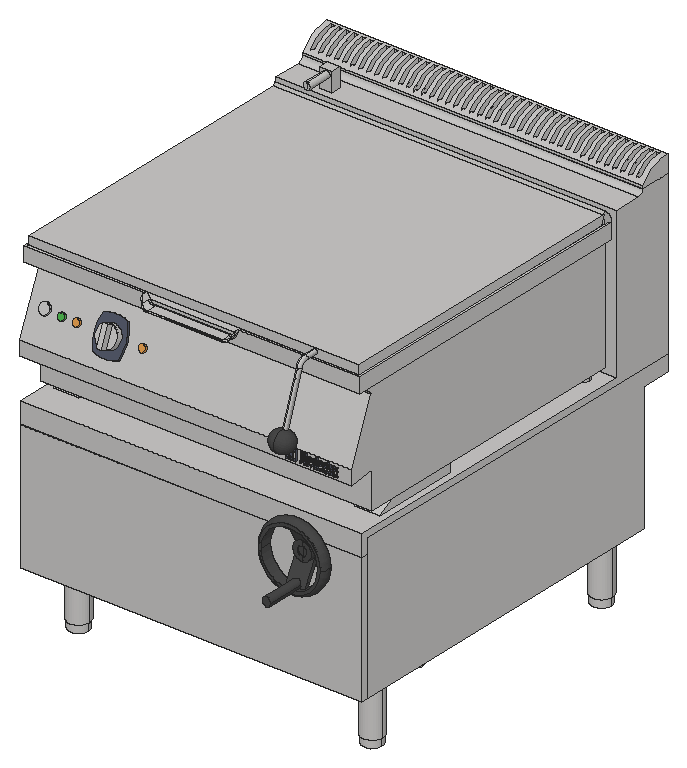
Revit family "QF_ELECTROLUXPROFESSIONAL_391597_E9PPBTBAMEI", category Attrezzature speciali, Revit 2021 (continued)
Lines and regions (mm)
  symbolic lines
    curve 201: line (601.624, -63.918, 0) -> (601.624, -6.768, 0)
    curve 202: line (601.624, -6.768, 0) -> (592.328, -6.768, 0)
    curve 203: line (592.328, -6.768, 0) -> (592.328, -63.918, 0)
    curve 204: line (611.021, -63.918, 0) -> (620.317, -63.918, 0)
    curve 205: line (620.317, -63.918, 0) -> (620.317, -6.768, 0)
    curve 206: line (620.317, -6.768, 0) -> (611.021, -6.768, 0)
    curve 207: line (611.021, -6.768, 0) -> (611.021, -63.918, 0)
    curve 208: line (629.714, -63.918, 0) -> (639.009, -63.918, 0)
    curve 209: line (639.009, -63.918, 0) -> (639.009, -6.768, 0)
    curve 210: line (639.009, -6.768, 0) -> (629.714, -6.768, 0)
    curve 211: line (629.714, -6.768, 0) -> (629.714, -63.918, 0)
    curve 212: line (648.406, -63.918, 0) -> (657.702, -63.918, 0)
    curve 213: line (657.702, -63.918, 0) -> (657.702, -6.768, 0)
    curve 214: line (657.702, -6.768, 0) -> (648.406, -6.768, 0)
    curve 215: line (648.406, -6.768, 0) -> (648.406, -63.918, 0)
    curve 216: line (667.099, -63.918, 0) -> (676.395, -63.918, 0)
    curve 217: line (676.395, -63.918, 0) -> (676.395, -6.768, 0)
    curve 218: line (676.395, -6.768, 0) -> (667.099, -6.768, 0)
    curve 219: line (667.099, -6.768, 0) -> (667.099, -63.918, 0)
    curve 220: line (685.792, -63.918, 0) -> (695.087, -63.918, 0)
    curve 221: line (695.087, -63.918, 0) -> (695.087, -6.768, 0)
    curve 222: line (695.087, -6.768, 0) -> (685.792, -6.768, 0)
    curve 223: line (685.792, -6.768, 0) -> (685.792, -63.918, 0)
    curve 224: line (704.484, -63.918, 0) -> (713.78, -63.918, 0)
    curve 225: line (713.78, -63.918, 0) -> (713.78, -6.768, 0)
    curve 226: line (713.78, -6.768, 0) -> (704.484, -6.768, 0)
    curve 227: line (704.484, -6.768, 0) -> (704.484, -63.918, 0)
    curve 228: line (723.177, -63.918, 0) -> (732.472, -63.918, 0)
    curve 229: line (732.472, -63.918, 0) -> (732.472, -6.768, 0)
    curve 230: line (732.472, -6.768, 0) -> (723.177, -6.768, 0)
    curve 231: line (723.177, -6.768, 0) -> (723.177, -63.918, 0)
    curve 232: line (741.869, -63.918, 0) -> (751.165, -63.918, 0)
    curve 233: line (751.165, -63.918, 0) -> (751.165, -6.768, 0)
    curve 234: line (751.165, -6.768, 0) -> (741.869, -6.768, 0)
    curve 235: line (741.869, -6.768, 0) -> (741.869, -63.918, 0)
    curve 236: line (760.562, -63.918, 0) -> (769.858, -63.918, 0)
    curve 237: line (769.858, -63.918, 0) -> (769.858, -6.768, 0)
    curve 238: line (769.858, -6.768, 0) -> (760.562, -6.768, 0)
    curve 239: line (760.562, -6.768, 0) -> (760.562, -63.918, 0)
    curve 240: line (777.847, -63.918, 0) -> (787.142, -63.918, 0)
    curve 241: line (787.142, -63.918, 0) -> (787.142, -6.768, 0)
    curve 242: line (787.142, -6.768, 0) -> (777.847, -6.768, 0)
    curve 243: line (777.847, -6.768, 0) -> (777.847, -63.918, 0)
  symbolic lines, style "QF_Clearances", visible <- "Show Clearance", detail levels coarse
    curve 17: line (-50, 50, 150) -> (-50, -918.182, 150)
    curve 18: line (850, 50, 150) -> (850, -915, 150)
    curve 19: line (850, 50, 150) -> (-50, 50, 150)
Dimensions and locks
  equal spacing: plane 3 "LEFT", plane 7 "Center Y", plane 4 "RIGHT"
  plane 3 "LEFT" to plane 4 "RIGHT" = 800 mm
  equal spacing: plane 5 "FRONT", plane 8 "Center X", plane 1 "BACK"
  plane 5 "FRONT" to plane 1 "BACK" = 915 mm  (x2)
  plane 9 "Base" to level = 149 mm
  plane 11 to level = 1653 mm
  plane 11 to plane 2 = 1653 mm
  plane 9 "Base" to plane 2 = 149 mm
  plane 13 to plane 12 = 674 mm
  plane 1 "BACK" to plane 14 = 1034 mm  (x2)
  plane 6 "TOP" to plane 2 = 908 mm
  plane 14 to plane 1 "BACK" = 1034 mm
  plane 4 "RIGHT" to plane 17 to plane 15 to plane 3 "LEFT" = 55 mm, 690 mm, 55 mm
  plane 1 "BACK" to plane 18 = 1014 mm
  Extrusion 12 to plane 1 "BACK" = 69 mm
  Extrusion 6 to plane 9 "Base" = 701 mm
  plane 2 to Extrusion 12 = 448 mm
  Extrusion 3 to plane 13 = 100.182 mm
  plane 12 to Extrusion 12 = 56 mm
  plane 4 "RIGHT" to plane 20 = 14 mm
  plane 21 to plane 9 "Base" to level = 701 mm, 149 mm
  plane 1 "BACK" to Extrusion 12 = 69 mm
  Extrusion 12 to plane 12 = 56 mm
  plane 12 to plane 13 = 674 mm
  plane 13 to Extrusion 3 = 100.182 mm
  Extrusion 12 to level = 448 mm
  plane 6 "TOP" to level = 908 mm
  plane 22 "Connection" to level = 182 mm
  plane 1 "BACK" to plane 23 = 706 mm
  plane 3 "LEFT" to Extrusion 20 sketch curve = 105 mm
  Extrusion 21 sketch curve to plane 1 "BACK" = 698 mm
  plane 3 "LEFT" to Extrusion 21 sketch curve = 195 mm
  Extrusion 21 to plane 1 "BACK" = 698 mm
  plane 3 "LEFT" to Extrusion 22 sketch curve = 265 mm
  plane 3 "LEFT" to plane 25 = 105 mm
  plane 3 "LEFT" to plane 26 = 195 mm
  plane 3 "LEFT" to plane 24 = 265 mm
  Extrusion 3 to Extrusion 17 = 181 mm
  Extrusion 17 to Extrusion 3 = 181 mm
  plane 21 to level = 850 mm
  aligned and locked: level to plane 2
  aligned and locked: Extrusion 12 to plane 3 "LEFT"
Automatic sketch dimensions
  Revolve 1 sketch curve to plane 9 "Base" = 0 mm  (x2)
  Revolve 1 sketch curve to level = 0 mm
  Revolve 1 sketch curve to plane 15 = 0 mm  (x2)
  Revolve 1 sketch curve to Revolve 1 sketch curve = 22.9 mm
  Revolve 1 sketch curve to Revolve 1 sketch curve = 2.5 mm
  level to Revolve 1 sketch curve = 19.05 mm
  Revolve 1 sketch curve to plane 22 "Connection" = 13 mm
  Revolve 2 sketch curve to plane 9 "Base" = 0 mm  (x2)
  Revolve 2 sketch curve to level = 0 mm
  Revolve 2 sketch curve to plane 15 = 0 mm  (x2)
  Revolve 2 sketch curve to Revolve 2 sketch curve = 22.9 mm
  Revolve 2 sketch curve to Revolve 2 sketch curve = 2.5 mm
  level to Revolve 2 sketch curve = 19.05 mm
  Revolve 2 sketch curve to plane 22 "Connection" = 13 mm
  Extrusion 7 sketch curve to plane 10 = 0 mm
  Extrusion 7 sketch curve to plane 13 = 25.484 mm
  plane 13 to Extrusion 7 sketch curve = 28.261 mm
  plane 23 to Extrusion 7 sketch curve = 87.5 mm
  plane 10 to Extrusion 7 sketch curve = 26.213 mm
  Extrusion 8 sketch curve to plane 17 = 8.429 mm
  Extrusion 8 sketch curve to plane 15 = 8.429 mm
  Extrusion 8 sketch curve to plane 12 = 64.686 mm  (x2)
  Extrusion 9 sketch curve to plane 6 "TOP" = 10 mm
  Extrusion 9 sketch curve to plane 12 = 7.127 mm
  plane 12 to Extrusion 9 sketch curve = 16.931 mm
  plane 21 to Extrusion 9 sketch curve = 3.88 mm
  Revolve 10 sketch curve to plane 6 "TOP" = 19.903 mm
  Revolve 10 sketch curve to plane 12 = 63.311 mm
  Revolve 10 sketch curve to plane 12 = 7.127 mm
  Revolve 10 sketch curve to Revolve 10 sketch curve = 0 mm  (x2)
  plane 12 to Revolve 10 sketch curve = 1.394 mm
  Revolve 10 sketch curve to plane 6 "TOP" = 11.778 mm
  Revolve 13 sketch curve to plane 9 "Base" = 0 mm  (x2)
  Revolve 13 sketch curve to level = 0 mm
  plane 17 to Revolve 13 sketch curve = 0 mm  (x2)
  Revolve 13 sketch curve to plane 20 = 18.1 mm
  Revolve 13 sketch curve to Revolve 13 sketch curve = 2.5 mm
  Revolve 13 sketch curve to plane 22 "Connection" = 13 mm
  level to Revolve 13 sketch curve = 19.05 mm
  Revolve 14 sketch curve to plane 9 "Base" = 0 mm  (x2)
  Revolve 14 sketch curve to level = 0 mm
  plane 17 to Revolve 14 sketch curve = 0 mm  (x2)
  Revolve 14 sketch curve to plane 20 = 18.1 mm
  Revolve 14 sketch curve to Revolve 14 sketch curve = 2.5 mm
  Revolve 14 sketch curve to plane 22 "Connection" = 13 mm
  level to Revolve 14 sketch curve = 19.05 mm
  plane 18 to Revolve 16 sketch curve = 18.604 mm
  Revolve 16 sketch curve to Revolve 16 sketch curve = 0 mm  (x4)
  plane 18 to Revolve 16 sketch curve = 22.834 mm
  Revolve 16 sketch curve to Revolve 16 sketch curve = 3.746 mm
  Revolve 16 sketch curve to Revolve 16 sketch curve = 7.415 mm
  plane 10 to Revolve 16 sketch curve = 172.444 mm
  Revolve 16 sketch curve to Revolve 16 sketch curve = 22.45 mm
  plane 10 to Extrusion 19 sketch curve = 0 mm
  Extrusion 19 sketch curve to plane 13 = 25.484 mm
  plane 13 to Extrusion 19 sketch curve = 28.261 mm
  plane 23 to Extrusion 19 sketch curve = 87.5 mm
  plane 10 to Extrusion 19 sketch curve = 26.213 mm
  plane 17 to Sweep 24 sketch curve = 60 mm
  Sweep 24 sketch curve to plane 10 = 63.57 mm
  Sweep 24 sketch curve to profile plane = 1.641 mm
  Sweep 24 sketch curve to profile plane = 7.394 mm
  Sweep 24 sketch curve to Sweep 24 sketch curve = 5.753 mm
  Sweep 24 sketch curve to Sweep 24 sketch curve = 6.722 mm
  Sweep 24 sketch curve to Sweep 24 sketch curve = 3.093 mm
  profile plane to Sweep 24 sketch curve = 740.784 mm
  Sweep 24 sketch curve to Sweep 24 sketch curve = 3.53 mm
  Sweep 24 sketch curve to Sweep 24 sketch curve = 10.864 mm
  plane 17 to Extrusion 26 sketch curve = 60 mm
  Extrusion 26 sketch curve to plane 10 = 124.454 mm
  Extrusion 27 sketch curve to Extrusion 27 sketch curve = 0 mm  (x4)
  Extrusion 27 sketch curve to plane 24 = 24.996 mm
  Extrusion 27 sketch curve to Extrusion 27 sketch curve = 4.545 mm
  Extrusion 27 sketch curve to Extrusion 27 sketch curve = 2.771 mm  (x2)
  Extrusion 27 sketch curve to Extrusion 27 sketch curve = 14.214 mm
  Extrusion 27 sketch curve to plane 21 = 40.578 mm
  plane 7 "Center Y" to Extrusion 27 sketch curve = 88.474 mm
  Extrusion 27 sketch curve to plane 21 = 32.378 mm
  Extrusion 27 sketch curve to Extrusion 27 sketch curve = 14.203 mm
  Extrusion 27 sketch curve to plane 21 = 33.978 mm
  Extrusion 27 sketch curve to plane 21 = 19.699 mm
  Extrusion 27 sketch curve to Extrusion 27 sketch curve = 7.32 mm
  Extrusion 27 sketch curve to Extrusion 27 sketch curve = 6.606 mm
  Extrusion 27 sketch curve to Extrusion 27 sketch curve = 6.4 mm  (x2)
  Extrusion 27 sketch curve to Extrusion 27 sketch curve = 7.872 mm
  plane 26 to Extrusion 29 sketch curve = 22.344 mm
  plane 24 to Extrusion 29 sketch curve = 31.059 mm
  Extrusion 29 sketch curve to Extrusion 29 sketch curve = 0 mm
  Extrusion 29 sketch curve to plane 26 = 8.324 mm
  Extrusion 29 sketch curve to Extrusion 29 sketch curve = 12.3 mm  (x2)
  plane 24 to Extrusion 29 sketch curve = 7.4 mm
  Extrusion 29 sketch curve to Extrusion 29 sketch curve = 34.925 mm  (x2)
  Extrusion 29 sketch curve to Extrusion 29 sketch curve = 50.015 mm
  plane 26 to Extrusion 29 sketch curve = 20.225 mm
  Extrusion 30 sketch curve to plane 25 = 17.623 mm
  plane 25 to Extrusion 31 sketch curve = 17.681 mm
  Extrusion 32 sketch curve to plane 26 = 7.917 mm
  Extrusion 33 sketch curve to Extrusion 33 sketch curve = 24.732 mm
  Extrusion 33 sketch curve to Extrusion 33 sketch curve = 0 mm
  Extrusion 34 sketch curve to plane 15 = 7.427 mm
  Extrusion 35 sketch curve to plane 24 = 12.623 mm
  Extrusion 36 sketch curve to plane 11 = 87.075 mm
  plane 8 "Center X" to Extrusion 36 sketch curve = 110.667 mm
  Extrusion 36 sketch curve to Extrusion 36 sketch curve = 694.86 mm
  Extrusion 36 sketch curve to Extrusion 36 sketch curve = 15.993 mm
  Extrusion 36 sketch curve to Extrusion 36 sketch curve = 5.354 mm
  Extrusion 36 sketch curve to Extrusion 36 sketch curve = 3.503 mm
  Extrusion 36 sketch curve to Extrusion 36 sketch curve = 12.189 mm
  Extrusion 36 sketch curve to Extrusion 36 sketch curve = 3.348 mm
  Extrusion 36 sketch curve to Extrusion 36 sketch curve = 18.4 mm  (x2)
  Extrusion 36 sketch curve to Extrusion 36 sketch curve = 2.697 mm
  Extrusion 36 sketch curve to Extrusion 36 sketch curve = 14.057 mm
  Extrusion 36 sketch curve to Extrusion 36 sketch curve = 4.418 mm
  Extrusion 36 sketch curve to Extrusion 36 sketch curve = 11 mm
  Extrusion 36 sketch curve to Extrusion 36 sketch curve = 6.539 mm
  Sweep 37 sketch curve to plane 8 "Center X" = 20.462 mm
  Sweep 37 sketch curve to plane 11 = 28.458 mm
  Sweep 37 sketch curve to Sweep 37 sketch curve = 41.037 mm
  Sweep 37 sketch curve to Sweep 37 sketch curve = 18.794 mm
  Sweep 37 sketch curve to Sweep 37 sketch curve = 28.354 mm
  Sweep 37 sketch curve to Sweep 37 sketch curve = 105.908 mm
  Sweep 37 sketch curve to Sweep 37 sketch curve = 6.84 mm
  Sweep 37 sketch curve to profile plane = 0 mm
  profile plane to Sweep 37 sketch curve = 676.16 mm
  Revolve 38 sketch curve to plane 11 = 23.591 mm
  Revolve 38 sketch curve to plane 8 "Center X" = 65.198 mm
  Revolve 38 sketch curve to Revolve 38 sketch curve = 0 mm  (x4)
  Revolve 38 sketch curve to Revolve 38 sketch curve = 4.229 mm
  Revolve 38 sketch curve to Revolve 38 sketch curve = 3.746 mm
  Revolve 38 sketch curve to Revolve 38 sketch curve = 7.415 mm
  Revolve 38 sketch curve to Revolve 38 sketch curve = 22.45 mm
  Extrusion 40 sketch curve to plane 21 = 53.641 mm
  plane 7 "Center Y" to Extrusion 40 sketch curve = 110 mm
  Extrusion 40 sketch curve to plane 21 = 32.378 mm
  Extrusion 40 sketch curve to Extrusion 40 sketch curve = 7.323 mm
  Extrusion 40 sketch curve to Extrusion 40 sketch curve = 14.203 mm
  Extrusion 40 sketch curve to plane 24 = 46.526 mm
  Extrusion 40 sketch curve to Extrusion 40 sketch curve = 14.214 mm
  Extrusion 40 sketch curve to Extrusion 40 sketch curve = 7.316 mm
  Extrusion 40 sketch curve to Extrusion 40 sketch curve = 21.27 mm
  Extrusion 40 sketch curve to Extrusion 40 sketch curve = 8.2 mm
  Extrusion 40 sketch curve to Extrusion 40 sketch curve = 12.672 mm
  Extrusion 40 sketch curve to Extrusion 40 sketch curve = 12.685 mm
  Extrusion 39 sketch curve to Extrusion 39 sketch curve = 0 mm  (x28)
  plane 17 to Extrusion 39 sketch curve = 31.031 mm
  plane 10 to Extrusion 39 sketch curve = 104.853 mm
  Extrusion 39 sketch curve to Extrusion 39 sketch curve = 3.509 mm  (x2)
  Extrusion 39 sketch curve to plane 17 = 9.633 mm
  Extrusion 39 sketch curve to Extrusion 39 sketch curve = 2.459 mm  (x3)
  Extrusion 39 sketch curve to plane 17 = 1.86 mm
  plane 17 to Extrusion 39 sketch curve = 4.143 mm
  Extrusion 39 sketch curve to Extrusion 39 sketch curve = 5.968 mm
  Extrusion 39 sketch curve to Extrusion 39 sketch curve = 0.918 mm  (x4)
  Extrusion 39 sketch curve to Extrusion 39 sketch curve = 0.949 mm  (x2)
  Extrusion 39 sketch curve to Extrusion 39 sketch curve = 1.035 mm
  Extrusion 39 sketch curve to Extrusion 39 sketch curve = 1.047 mm
  Extrusion 39 sketch curve to Extrusion 39 sketch curve = 3.513 mm  (x2)
  plane 17 to Extrusion 39 sketch curve = 36.887 mm
  Extrusion 39 sketch curve to Extrusion 39 sketch curve = 0.045 mm  (x2)
  plane 17 to Extrusion 39 sketch curve = 29.554 mm
  Extrusion 39 sketch curve to Extrusion 39 sketch curve = 0.277 mm
  Extrusion 39 sketch curve to Extrusion 39 sketch curve = 0.3 mm  (x2)
  Extrusion 39 sketch curve to Extrusion 39 sketch curve = 0.004 mm  (x3)
  Extrusion 39 sketch curve to Extrusion 39 sketch curve = 0.636 mm
  Extrusion 39 sketch curve to Extrusion 39 sketch curve = 0.02 mm  (x2)
  plane 17 to Extrusion 39 sketch curve = 36.125 mm
  Extrusion 39 sketch curve to Extrusion 39 sketch curve = 0.479 mm  (x2)
  plane 17 to Extrusion 39 sketch curve = 28.791 mm
  Extrusion 39 sketch curve to Extrusion 39 sketch curve = 1.645 mm
  Extrusion 39 sketch curve to Extrusion 39 sketch curve = 1.672 mm
  plane 17 to Extrusion 39 sketch curve = 4.181 mm
  Extrusion 39 sketch curve to Extrusion 39 sketch curve = 1.71 mm
  Extrusion 39 sketch curve to Extrusion 39 sketch curve = 0.447 mm  (x2)
  Extrusion 39 sketch curve to Extrusion 39 sketch curve = 0.343 mm
  plane 17 to Extrusion 39 sketch curve = 65.019 mm
  Extrusion 39 sketch curve to Extrusion 39 sketch curve = 0.246 mm
  Extrusion 39 sketch curve to Extrusion 39 sketch curve = 0.124 mm  (x2)
  Extrusion 39 sketch curve to Extrusion 39 sketch curve = 1.995 mm
  Extrusion 39 sketch curve to plane 17 = 3.68 mm
  Extrusion 39 sketch curve to Extrusion 39 sketch curve = 0.996 mm  (x2)
  Extrusion 39 sketch curve to Extrusion 39 sketch curve = 0.509 mm
  Extrusion 39 sketch curve to Extrusion 39 sketch curve = 2.427 mm  (x2)
  Extrusion 39 sketch curve to Extrusion 39 sketch curve = 0.616 mm  (x2)
  Extrusion 39 sketch curve to Extrusion 39 sketch curve = 0.017 mm  (x2)
  Extrusion 39 sketch curve to Extrusion 39 sketch curve = 0.926 mm
  Extrusion 39 sketch curve to Extrusion 39 sketch curve = 0.911 mm
  Extrusion 39 sketch curve to Extrusion 39 sketch curve = 1.839 mm
  Extrusion 39 sketch curve to Extrusion 39 sketch curve = 0.306 mm  (x2)
  Extrusion 39 sketch curve to Extrusion 39 sketch curve = 0.917 mm  (x3)
  Extrusion 39 sketch curve to Extrusion 39 sketch curve = 0.159 mm  (x2)
  Extrusion 39 sketch curve to plane 17 = 3.231 mm
  Extrusion 39 sketch curve to Extrusion 39 sketch curve = 1.342 mm
  Extrusion 39 sketch curve to Extrusion 39 sketch curve = 0.187 mm  (x2)
  Extrusion 39 sketch curve to Extrusion 39 sketch curve = 0.679 mm  (x2)
  Extrusion 39 sketch curve to Extrusion 39 sketch curve = 0.67 mm
  Extrusion 39 sketch curve to Extrusion 39 sketch curve = 0.002 mm
  Extrusion 39 sketch curve to Extrusion 39 sketch curve = 0.007 mm  (x3)
  Extrusion 39 sketch curve to Extrusion 39 sketch curve = 0.383 mm  (x4)
  plane 17 to Extrusion 39 sketch curve = 26.86 mm
  plane 17 to Extrusion 39 sketch curve = 34.193 mm
  Extrusion 39 sketch curve to Extrusion 39 sketch curve = 0.075 mm  (x2)
  Extrusion 39 sketch curve to Extrusion 39 sketch curve = 0.677 mm  (x2)
  Extrusion 39 sketch curve to Extrusion 39 sketch curve = 0.957 mm
  Extrusion 39 sketch curve to Extrusion 39 sketch curve = 1.024 mm
  Extrusion 39 sketch curve to Extrusion 39 sketch curve = 0.328 mm  (x2)
  plane 17 to Extrusion 39 sketch curve = 26.143 mm
  Extrusion 39 sketch curve to Extrusion 39 sketch curve = 0.492 mm  (x2)
  plane 17 to Extrusion 39 sketch curve = 33.476 mm
  Extrusion 39 sketch curve to plane 17 = 3.201 mm
  Extrusion 39 sketch curve to Extrusion 39 sketch curve = 1.815 mm
  Extrusion 39 sketch curve to Extrusion 39 sketch curve = 3.936 mm
  plane 17 to Extrusion 39 sketch curve = 6.401 mm
  Extrusion 39 sketch curve to Extrusion 39 sketch curve = 1.802 mm
  Extrusion 39 sketch curve to Extrusion 39 sketch curve = 0.781 mm
  plane 17 to Extrusion 39 sketch curve = 18.717 mm  (x4)
  Extrusion 39 sketch curve to Extrusion 39 sketch curve = 4.769 mm
  plane 17 to Extrusion 39 sketch curve = 43.012 mm  (x4)
  Extrusion 39 sketch curve to Extrusion 39 sketch curve = 4.78 mm
  plane 17 to Extrusion 39 sketch curve = 2.789 mm
  Extrusion 39 sketch curve to Extrusion 39 sketch curve = 4.809 mm
  plane 17 to Extrusion 39 sketch curve = 54.783 mm
  Extrusion 39 sketch curve to Extrusion 39 sketch curve = 4.821 mm
  plane 17 to Extrusion 39 sketch curve = 32.77 mm
  Extrusion 39 sketch curve to Extrusion 39 sketch curve = 5.852 mm
  Extrusion 39 sketch curve to plane 17 = 10.755 mm
  Extrusion 39 sketch curve to Extrusion 39 sketch curve = 5.071 mm  (x3)
  Extrusion 39 sketch curve to plane 17 = 5.598 mm
  Extrusion 39 sketch curve to Extrusion 39 sketch curve = 0.003 mm  (x2)
  plane 17 to Extrusion 39 sketch curve = 33.791 mm
  Extrusion 39 sketch curve to Extrusion 39 sketch curve = 0.046 mm
  plane 17 to Extrusion 39 sketch curve = 71.33 mm
  Extrusion 39 sketch curve to Extrusion 39 sketch curve = 0.068 mm
  Extrusion 39 sketch curve to Extrusion 39 sketch curve = 10.348 mm
  plane 17 to Extrusion 39 sketch curve = 38.925 mm  (x2)
  Extrusion 39 sketch curve to Extrusion 39 sketch curve = 1.761 mm
  plane 17 to Extrusion 39 sketch curve = 50.493 mm
  Extrusion 39 sketch curve to Extrusion 39 sketch curve = 1.821 mm
  plane 17 to Extrusion 39 sketch curve = 54.702 mm
  Extrusion 39 sketch curve to Extrusion 39 sketch curve = 2.064 mm  (x2)
  Extrusion 39 sketch curve to Extrusion 39 sketch curve = 2.196 mm  (x3)
  Extrusion 39 sketch curve to Extrusion 39 sketch curve = 2.206 mm  (x2)
  plane 17 to Extrusion 39 sketch curve = 2.77 mm
  Extrusion 39 sketch curve to Extrusion 39 sketch curve = 2.216 mm
  Extrusion 39 sketch curve to Extrusion 39 sketch curve = 0.588 mm
  Extrusion 39 sketch curve to Extrusion 39 sketch curve = 0.037 mm
  Extrusion 39 sketch curve to Extrusion 39 sketch curve = 0.109 mm
  plane 17 to Extrusion 39 sketch curve = 32.761 mm
  Extrusion 39 sketch curve to Extrusion 39 sketch curve = 2.272 mm  (x2)
  Extrusion 39 sketch curve to plane 17 = 4.747 mm
  Extrusion 39 sketch curve to Extrusion 39 sketch curve = 2.435 mm
  Extrusion 39 sketch curve to Extrusion 39 sketch curve = 1.25 mm
  plane 17 to Extrusion 39 sketch curve = 51.95 mm
  Extrusion 39 sketch curve to Extrusion 39 sketch curve = 1.417 mm
  plane 17 to Extrusion 39 sketch curve = 40.422 mm  (x2)
  Extrusion 39 sketch curve to Extrusion 39 sketch curve = 1.558 mm  (x2)
  Extrusion 39 sketch curve to plane 17 = 11.031 mm
  Extrusion 39 sketch curve to Extrusion 39 sketch curve = 3.247 mm
  Extrusion 39 sketch curve to plane 17 = 8.176 mm  (x2)
  Extrusion 39 sketch curve to Extrusion 39 sketch curve = 0.339 mm
  Extrusion 39 sketch curve to Extrusion 39 sketch curve = 4.029 mm
  Extrusion 39 sketch curve to plane 17 = 1.884 mm
  Extrusion 39 sketch curve to Extrusion 39 sketch curve = 1.655 mm
  plane 17 to Extrusion 39 sketch curve = 4.985 mm
  Extrusion 39 sketch curve to Extrusion 39 sketch curve = 0.201 mm
  plane 17 to Extrusion 39 sketch curve = 37.42 mm
  Extrusion 39 sketch curve to Extrusion 39 sketch curve = 2.769 mm
  plane 17 to Extrusion 39 sketch curve = 0.553 mm
  Extrusion 39 sketch curve to Extrusion 39 sketch curve = 0.162 mm
  Extrusion 39 sketch curve to Extrusion 39 sketch curve = 0.137 mm
  plane 17 to Extrusion 39 sketch curve = 72.357 mm
  Extrusion 39 sketch curve to Extrusion 39 sketch curve = 2.101 mm
  Extrusion 39 sketch curve to Extrusion 39 sketch curve = 0.103 mm  (x2)
  Extrusion 39 sketch curve to Extrusion 39 sketch curve = 2.671 mm
  plane 17 to Extrusion 39 sketch curve = 60.227 mm
  Extrusion 39 sketch curve to Extrusion 39 sketch curve = 0.566 mm
  plane 17 to Extrusion 39 sketch curve = 24.258 mm
  Extrusion 39 sketch curve to Extrusion 39 sketch curve = 3.183 mm  (x2)
  plane 17 to Extrusion 39 sketch curve = 13.177 mm
  Extrusion 39 sketch curve to Extrusion 39 sketch curve = 5.077 mm
  plane 17 to Extrusion 39 sketch curve = 21.859 mm
  plane 17 to Extrusion 39 sketch curve = 15.575 mm
  plane 17 to Extrusion 39 sketch curve = 48.557 mm
  Extrusion 39 sketch curve to Extrusion 39 sketch curve = 0.627 mm
  plane 17 to Extrusion 39 sketch curve = 46.149 mm
  plane 17 to Extrusion 39 sketch curve = 28.375 mm  (x2)
  Extrusion 39 sketch curve to Extrusion 39 sketch curve = 0.262 mm
  Extrusion 39 sketch curve to plane 17 = 6.847 mm
  Extrusion 39 sketch curve to Extrusion 39 sketch curve = 1.773 mm
  Extrusion 39 sketch curve to plane 17 = 9.507 mm
  Extrusion 39 sketch curve to Extrusion 39 sketch curve = 1.793 mm
  Extrusion 39 sketch curve to Extrusion 39 sketch curve = 1.788 mm
  plane 17 to Extrusion 39 sketch curve = 52.274 mm
  Extrusion 39 sketch curve to Extrusion 39 sketch curve = 1.7 mm
  Extrusion 39 sketch curve to Extrusion 39 sketch curve = 1.733 mm
  Extrusion 39 sketch curve to Extrusion 39 sketch curve = 4.169 mm
  Extrusion 39 sketch curve to Extrusion 39 sketch curve = 1.242 mm
  Extrusion 39 sketch curve to Extrusion 39 sketch curve = 2.572 mm  (x2)
  Extrusion 39 sketch curve to plane 17 = 11.394 mm
  Extrusion 39 sketch curve to Extrusion 39 sketch curve = 2.881 mm
  Extrusion 39 sketch curve to Extrusion 39 sketch curve = 3.582 mm
  plane 17 to Extrusion 39 sketch curve = 25.635 mm
  Extrusion 39 sketch curve to Extrusion 39 sketch curve = 0.101 mm
  Extrusion 39 sketch curve to plane 17 = 4.843 mm
  Extrusion 39 sketch curve to Extrusion 39 sketch curve = 2.74 mm
  Extrusion 39 sketch curve to Extrusion 39 sketch curve = 1.113 mm
  plane 17 to Extrusion 39 sketch curve = 54.844 mm  (x2)
  Extrusion 39 sketch curve to Extrusion 39 sketch curve = 2.226 mm
  Extrusion 39 sketch curve to Extrusion 39 sketch curve = 2.28 mm
  Extrusion 39 sketch curve to Extrusion 39 sketch curve = 0.585 mm
  Extrusion 39 sketch curve to plane 17 = 3.341 mm
  Extrusion 39 sketch curve to Extrusion 39 sketch curve = 2.054 mm
  Extrusion 39 sketch curve to plane 17 = 13.011 mm
  Extrusion 39 sketch curve to Extrusion 39 sketch curve = 2.203 mm
  Extrusion 39 sketch curve to Extrusion 39 sketch curve = 1.51 mm
  Extrusion 39 sketch curve to Extrusion 39 sketch curve = 5.923 mm
  plane 17 to Extrusion 39 sketch curve = 24.628 mm
  Extrusion 39 sketch curve to Extrusion 39 sketch curve = 2.337 mm
  Extrusion 39 sketch curve to Extrusion 39 sketch curve = 1.561 mm
  Extrusion 39 sketch curve to Extrusion 39 sketch curve = 3.319 mm
  Extrusion 39 sketch curve to Extrusion 39 sketch curve = 0.191 mm
  Extrusion 39 sketch curve to Extrusion 39 sketch curve = 2.274 mm
  Extrusion 39 sketch curve to Extrusion 39 sketch curve = 3.888 mm  (x2)
  Extrusion 39 sketch curve to Extrusion 39 sketch curve = 0.986 mm
  Extrusion 39 sketch curve to Extrusion 39 sketch curve = 2.599 mm  (x2)
  Extrusion 39 sketch curve to Extrusion 39 sketch curve = 2.865 mm
  Extrusion 39 sketch curve to Extrusion 39 sketch curve = 0.998 mm  (x6)
  Extrusion 39 sketch curve to Extrusion 39 sketch curve = 1.022 mm
  Extrusion 39 sketch curve to Extrusion 39 sketch curve = 1.117 mm
  Extrusion 39 sketch curve to Extrusion 39 sketch curve = 1.993 mm
  Extrusion 39 sketch curve to Extrusion 39 sketch curve = 1.073 mm
  Extrusion 39 sketch curve to Extrusion 39 sketch curve = 0.448 mm  (x2)
  Extrusion 39 sketch curve to Extrusion 39 sketch curve = 0.9 mm
  Extrusion 39 sketch curve to plane 17 = 0.788 mm
  Extrusion 39 sketch curve to Extrusion 39 sketch curve = 1.008 mm
  Extrusion 39 sketch curve to Extrusion 39 sketch curve = 2.221 mm
  Extrusion 39 sketch curve to Extrusion 39 sketch curve = 0.971 mm
  Extrusion 39 sketch curve to Extrusion 39 sketch curve = 2.438 mm
  Extrusion 39 sketch curve to Extrusion 39 sketch curve = 1.849 mm
  Extrusion 39 sketch curve to Extrusion 39 sketch curve = 2.419 mm
  Extrusion 39 sketch curve to Extrusion 39 sketch curve = 6.696 mm  (x2)
  Extrusion 39 sketch curve to Extrusion 39 sketch curve = 5.345 mm
  Extrusion 39 sketch curve to Extrusion 39 sketch curve = 0.421 mm  (x2)
  Extrusion 39 sketch curve to Extrusion 39 sketch curve = 0.078 mm  (x2)
  Extrusion 39 sketch curve to Extrusion 39 sketch curve = 0.133 mm  (x2)
  Extrusion 39 sketch curve to Extrusion 39 sketch curve = 0.006 mm  (x2)
  Extrusion 39 sketch curve to Extrusion 39 sketch curve = 0.23 mm  (x2)
  Extrusion 39 sketch curve to Extrusion 39 sketch curve = 0.065 mm  (x2)
  Extrusion 39 sketch curve to Extrusion 39 sketch curve = 0.279 mm  (x2)
  Extrusion 39 sketch curve to Extrusion 39 sketch curve = 0.251 mm  (x2)
  Extrusion 39 sketch curve to Extrusion 39 sketch curve = 0.134 mm  (x2)
  Extrusion 39 sketch curve to Extrusion 39 sketch curve = 0.009 mm  (x2)
  Extrusion 39 sketch curve to Extrusion 39 sketch curve = 0.164 mm  (x2)
  Extrusion 39 sketch curve to Extrusion 39 sketch curve = 0.077 mm  (x2)
  Extrusion 39 sketch curve to Extrusion 39 sketch curve = 0.866 mm  (x2)
  Extrusion 39 sketch curve to Extrusion 39 sketch curve = 2.398 mm
  Extrusion 39 sketch curve to Extrusion 39 sketch curve = 2.034 mm
  Extrusion 39 sketch curve to Extrusion 39 sketch curve = 2.418 mm
  Extrusion 39 sketch curve to Extrusion 39 sketch curve = 1.355 mm
  Extrusion 39 sketch curve to Extrusion 39 sketch curve = 3.835 mm
  Extrusion 39 sketch curve to Extrusion 39 sketch curve = 0.047 mm  (x2)
  Extrusion 39 sketch curve to Extrusion 39 sketch curve = 0.135 mm
  Extrusion 39 sketch curve to Extrusion 39 sketch curve = 0.977 mm
  Extrusion 39 sketch curve to Extrusion 39 sketch curve = 0.409 mm
  Extrusion 39 sketch curve to Extrusion 39 sketch curve = 4.118 mm
  Extrusion 39 sketch curve to Extrusion 39 sketch curve = 0.175 mm
  Extrusion 39 sketch curve to Extrusion 39 sketch curve = 1.289 mm
  Extrusion 39 sketch curve to Extrusion 39 sketch curve = 1.827 mm
  Extrusion 39 sketch curve to Extrusion 39 sketch curve = 2.51 mm
  Extrusion 39 sketch curve to Extrusion 39 sketch curve = 0.061 mm
  Extrusion 39 sketch curve to Extrusion 39 sketch curve = 6.931 mm
  Extrusion 39 sketch curve to Extrusion 39 sketch curve = 1.165 mm
  Extrusion 39 sketch curve to Extrusion 39 sketch curve = 2.417 mm
  Extrusion 39 sketch curve to Extrusion 39 sketch curve = 1.133 mm
  Extrusion 39 sketch curve to Extrusion 39 sketch curve = 0.82 mm
  Extrusion 39 sketch curve to Extrusion 39 sketch curve = 1.717 mm
  Extrusion 39 sketch curve to Extrusion 39 sketch curve = 0.161 mm
  Extrusion 39 sketch curve to Extrusion 39 sketch curve = 1.885 mm
  Extrusion 39 sketch curve to Extrusion 39 sketch curve = 2.261 mm
  Extrusion 39 sketch curve to Extrusion 39 sketch curve = 1.718 mm
  Extrusion 39 sketch curve to Extrusion 39 sketch curve = 0.886 mm
  Extrusion 39 sketch curve to Extrusion 39 sketch curve = 0.969 mm
  Extrusion 39 sketch curve to Extrusion 39 sketch curve = 0.001 mm
  Extrusion 39 sketch curve to Extrusion 39 sketch curve = 5.646 mm
  Extrusion 39 sketch curve to Extrusion 39 sketch curve = 0.067 mm
  Extrusion 39 sketch curve to Extrusion 39 sketch curve = 0.04 mm
  Extrusion 39 sketch curve to Extrusion 39 sketch curve = 0.939 mm
  Extrusion 39 sketch curve to Extrusion 39 sketch curve = 0.873 mm
  Extrusion 39 sketch curve to Extrusion 39 sketch curve = 2.416 mm
  Extrusion 39 sketch curve to Extrusion 39 sketch curve = 9.714 mm
  Extrusion 39 sketch curve to Extrusion 39 sketch curve = 8.795 mm
  Extrusion 39 sketch curve to Extrusion 39 sketch curve = 1.097 mm  (x2)
  Extrusion 39 sketch curve to Extrusion 39 sketch curve = 1.972 mm
  Extrusion 39 sketch curve to Extrusion 39 sketch curve = 0.238 mm
  Extrusion 39 sketch curve to Extrusion 39 sketch curve = 3.568 mm
  Extrusion 39 sketch curve to Extrusion 39 sketch curve = 3.898 mm
  Extrusion 39 sketch curve to Extrusion 39 sketch curve = 0.915 mm  (x2)
  Extrusion 39 sketch curve to Extrusion 39 sketch curve = 0.408 mm  (x2)
  Extrusion 39 sketch curve to Extrusion 39 sketch curve = 0.453 mm  (x2)
  Extrusion 39 sketch curve to Extrusion 39 sketch curve = 0.239 mm  (x2)
  Extrusion 39 sketch curve to Extrusion 39 sketch curve = 0.266 mm  (x2)
  Extrusion 39 sketch curve to Extrusion 39 sketch curve = 0.148 mm  (x2)
  Extrusion 39 sketch curve to Extrusion 39 sketch curve = 0.764 mm  (x2)
  Extrusion 39 sketch curve to Extrusion 39 sketch curve = 0.041 mm  (x2)
  Extrusion 39 sketch curve to Extrusion 39 sketch curve = 1.266 mm  (x2)
  level to Extrusion 42 sketch curve = 866.248 mm
  plane 12 to Extrusion 42 sketch curve = 53.372 mm
  plane 1 "BACK" to Extrusion 42 sketch curve = 1.777 mm
  plane 1 "BACK" to Extrusion 42 sketch curve = 0.008 mm
  level to Extrusion 42 sketch curve = 823.125 mm
  Extrusion 42 sketch curve to Extrusion 42 sketch curve = 5.055 mm
  plane 20 to Extrusion 41 sketch curve = 1.142 mm
  Extrusion 41 sketch curve to plane 20 = 8.153 mm
  Extrusion 41 sketch curve to Extrusion 41 sketch curve = 7.989 mm
  Extrusion 41 sketch curve to Extrusion 41 sketch curve = 9.296 mm  (x35)
  Extrusion 41 sketch curve to plane 17 = 6.165 mm
  plane 17 to Extrusion 41 sketch curve = 3.131 mm
  Extrusion 41 sketch curve to Extrusion 41 sketch curve = 9.397 mm  (x34)
  plane 7 "Center Y" to Extrusion 41 sketch curve = 5.402 mm
  Extrusion 41 sketch curve to plane 7 "Center Y" = 3.994 mm
  Extrusion 41 sketch curve to plane 24 = 0.157 mm
  plane 24 to Extrusion 41 sketch curve = 9.138 mm
  Extrusion 41 sketch curve to plane 26 = 4.784 mm
  plane 26 to Extrusion 41 sketch curve = 4.613 mm
  Extrusion 41 sketch curve to plane 25 = 1.321 mm
  plane 25 to Extrusion 41 sketch curve = 8.076 mm
  plane 15 to Extrusion 41 sketch curve = 4.539 mm
  Extrusion 41 sketch curve to plane 15 = 4.757 mm
  plane 1 "BACK" to Extrusion 41 sketch curve = 6.768 mm  (x42)
  Extrusion 41 sketch curve to Extrusion 41 sketch curve = 57.15 mm  (x3)
  Extrusion 41 sketch curve to Extrusion 41 sketch curve = 0 mm  (x39)
  plane 3 "LEFT" to curve 79 = 12.858 mm
  curve 78 to curve 78 = 9.296 mm
  curve 76 to curve 80 = 9.397 mm
  curve 80 to curve 81 = 9.296 mm
  curve 87 to plane 15 = 4.757 mm
  plane 15 to curve 86 = 4.539 mm
  curve 84 to curve 88 = 9.397 mm
  curve 90 to curve 89 = 9.296 mm
  curve 88 to curve 92 = 9.397 mm
  plane 25 to curve 93 = 8.076 mm
  curve 96 to plane 25 = 1.321 mm
  curve 98 to curve 97 = 9.296 mm
  curve 96 to curve 103 = 9.397 mm
  curve 102 to curve 102 = 9.296 mm
  curve 100 to curve 104 = 9.397 mm
  curve 104 to curve 105 = 9.296 mm
  curve 104 to curve 111 = 9.397 mm
  curve 110 to curve 110 = 9.296 mm
  curve 108 to curve 115 = 9.397 mm
  plane 26 to curve 114 = 4.613 mm
  curve 116 to plane 26 = 4.784 mm
  curve 116 to curve 117 = 9.296 mm
  curve 116 to curve 123 = 9.397 mm
  curve 122 to curve 122 = 9.296 mm
  curve 120 to curve 124 = 9.397 mm
  curve 124 to curve 125 = 9.296 mm
  plane 24 to curve 131 = 9.138 mm
  curve 130 to plane 24 = 0.157 mm
  curve 128 to curve 135 = 9.397 mm
  curve 134 to curve 134 = 9.296 mm
  curve 132 to curve 136 = 9.397 mm
  curve 136 to curve 137 = 9.296 mm
  curve 136 to curve 140 = 9.397 mm
  curve 142 to curve 141 = 9.296 mm
  curve 140 to curve 144 = 9.397 mm
  curve 146 to curve 145 = 9.296 mm
  curve 144 to curve 148 = 9.397 mm
  curve 150 to curve 149 = 9.296 mm
  curve 148 to curve 152 = 9.397 mm
  curve 154 to curve 153 = 9.296 mm
  curve 152 to curve 156 = 9.397 mm
  curve 157 to plane 7 "Center Y" = 3.994 mm
  plane 7 "Center Y" to curve 160 = 5.402 mm
  curve 162 to curve 161 = 9.296 mm
  curve 160 to curve 164 = 9.397 mm
  curve 166 to curve 165 = 9.296 mm
  curve 164 to curve 168 = 9.397 mm
  curve 170 to curve 169 = 9.296 mm
  curve 168 to curve 175 = 9.397 mm
  curve 174 to curve 174 = 9.296 mm
  curve 172 to curve 179 = 9.397 mm
  curve 178 to curve 178 = 9.296 mm
  curve 176 to curve 180 = 9.397 mm
  curve 180 to curve 181 = 9.296 mm
  curve 180 to curve 187 = 9.397 mm
  curve 186 to curve 186 = 9.296 mm
  curve 184 to curve 188 = 9.397 mm
  curve 188 to curve 189 = 9.296 mm
  curve 188 to curve 192 = 9.397 mm
  curve 194 to curve 193 = 9.296 mm
  curve 192 to curve 196 = 9.397 mm
  curve 198 to curve 197 = 9.296 mm
  curve 196 to curve 200 = 9.397 mm
  curve 202 to curve 201 = 9.296 mm
  curve 200 to curve 204 = 9.397 mm
  curve 206 to curve 205 = 9.296 mm
  curve 204 to curve 208 = 9.397 mm
  curve 210 to curve 209 = 9.296 mm
  curve 208 to curve 212 = 9.397 mm
  curve 214 to curve 213 = 9.296 mm
  curve 212 to curve 216 = 9.397 mm
  curve 218 to curve 217 = 9.296 mm
  curve 216 to curve 220 = 9.397 mm
  curve 222 to curve 221 = 9.296 mm
  curve 220 to curve 224 = 9.397 mm
  curve 226 to curve 225 = 9.296 mm
  curve 224 to curve 228 = 9.397 mm
  curve 230 to curve 229 = 9.296 mm
  plane 17 to curve 235 = 3.131 mm
  curve 234 to plane 17 = 6.165 mm
  curve 232 to curve 239 = 9.397 mm
  curve 238 to curve 238 = 9.296 mm
  curve 240 to plane 20 = 8.153 mm
  plane 20 to curve 241 = 1.142 mm
  plane 12 to curve 76 = 61.082 mm
  plane 12 to curve 241 = 61.082 mm
  curve 239 to curve 240 = 0 mm
  curve 76 to curve 80 = 0 mm
  curve 235 to curve 236 = 0 mm
  curve 80 to curve 84 = 0 mm
  curve 231 to curve 232 = 0 mm
  curve 84 to curve 88 = 0 mm
  curve 227 to curve 228 = 0 mm
  curve 88 to curve 92 = 0 mm
  curve 223 to curve 224 = 0 mm
  curve 92 to curve 96 = 0 mm
  curve 219 to curve 220 = 0 mm
  curve 96 to curve 100 = 0 mm
  curve 215 to curve 216 = 0 mm
  curve 100 to curve 104 = 0 mm
  curve 211 to curve 212 = 0 mm
  curve 104 to curve 108 = 0 mm
  curve 207 to curve 208 = 0 mm
  curve 108 to curve 112 = 0 mm
  curve 203 to curve 204 = 0 mm
  curve 112 to curve 116 = 0 mm
  curve 199 to curve 200 = 0 mm
  curve 116 to curve 120 = 0 mm
  curve 195 to curve 196 = 0 mm
  curve 120 to curve 124 = 0 mm
  curve 191 to curve 192 = 0 mm
  curve 124 to curve 128 = 0 mm
  curve 187 to curve 188 = 0 mm
  curve 128 to curve 132 = 0 mm
  curve 183 to curve 184 = 0 mm
  curve 132 to curve 136 = 0 mm
  curve 179 to curve 180 = 0 mm
  curve 136 to curve 140 = 0 mm
  curve 175 to curve 176 = 0 mm
  curve 140 to curve 144 = 0 mm
  curve 171 to curve 172 = 0 mm
  curve 144 to curve 148 = 0 mm
  curve 167 to curve 168 = 0 mm
  curve 148 to curve 152 = 0 mm
  curve 163 to curve 164 = 0 mm
  curve 152 to curve 156 = 0 mm
  plane 1 "BACK" to curve 158 = 6.768 mm
  plane 1 "BACK" to curve 161 = 6.768 mm
  plane 1 "BACK" to curve 155 = 6.768 mm
  plane 1 "BACK" to curve 165 = 6.768 mm
  plane 1 "BACK" to curve 151 = 6.768 mm
  plane 1 "BACK" to curve 169 = 6.768 mm
  plane 1 "BACK" to curve 147 = 6.768 mm
  plane 1 "BACK" to curve 173 = 6.768 mm
  plane 1 "BACK" to curve 143 = 6.768 mm
  plane 1 "BACK" to curve 177 = 6.768 mm
  plane 1 "BACK" to curve 139 = 6.768 mm
  plane 1 "BACK" to curve 181 = 6.768 mm
  plane 1 "BACK" to curve 135 = 6.768 mm
  plane 1 "BACK" to curve 185 = 6.768 mm
  plane 1 "BACK" to curve 131 = 6.768 mm
  plane 1 "BACK" to curve 189 = 6.768 mm
  plane 1 "BACK" to curve 127 = 6.768 mm
  plane 1 "BACK" to curve 193 = 6.768 mm
  plane 1 "BACK" to curve 123 = 6.768 mm
  plane 1 "BACK" to curve 197 = 6.768 mm
  plane 1 "BACK" to curve 119 = 6.768 mm
  plane 1 "BACK" to curve 201 = 6.768 mm
  plane 1 "BACK" to curve 115 = 6.768 mm
  plane 1 "BACK" to curve 205 = 6.768 mm
  plane 1 "BACK" to curve 111 = 6.768 mm
  plane 1 "BACK" to curve 209 = 6.768 mm
  plane 1 "BACK" to curve 107 = 6.768 mm
  plane 1 "BACK" to curve 213 = 6.768 mm
  plane 1 "BACK" to curve 103 = 6.768 mm
  plane 1 "BACK" to curve 217 = 6.768 mm
  plane 1 "BACK" to curve 99 = 6.768 mm
  plane 1 "BACK" to curve 221 = 6.768 mm
  plane 1 "BACK" to curve 95 = 6.768 mm
  plane 1 "BACK" to curve 225 = 6.768 mm
  plane 1 "BACK" to curve 91 = 6.768 mm
  plane 1 "BACK" to curve 229 = 6.768 mm
  plane 1 "BACK" to curve 87 = 6.768 mm
  plane 1 "BACK" to curve 233 = 6.768 mm
  plane 1 "BACK" to curve 83 = 6.768 mm
  plane 1 "BACK" to curve 237 = 6.768 mm
  plane 1 "BACK" to curve 79 = 6.768 mm
  plane 1 "BACK" to curve 241 = 6.768 mm
  plane 1 "BACK" to curve 16 = 0 mm
  curve 16 to plane 4 "RIGHT" = 0 mm
  plane 5 "FRONT" to curve 75 = 0 mm
  plane 5 "FRONT" to curve 14 = 0 mm
  plane 5 "FRONT" to curve 67 = 0 mm
  plane 5 "FRONT" to curve 1 = 0 mm
  curve 8 to plane 3 "LEFT" = 0 mm
  curve 9 to plane 4 "RIGHT" = 5 mm
  plane 20 to curve 15 = 1.637 mm
  plane 17 to curve 21 = 55 mm
  curve 21 to curve 33 = 5 mm
  curve 33 to curve 20 = 5 mm
  curve 58 to plane 26 = 13.703 mm
  curve 56 to plane 26 = 2.131 mm
  curve 12 to plane 25 = 12.192 mm
  curve 32 to plane 25 = 11.843 mm
  curve 26 to plane 25 = 6.375 mm
  plane 25 to curve 13 = 0.933 mm
  curve 27 to curve 13 = 4.184 mm
  curve 27 to curve 30 = 7.657 mm
  plane 3 "LEFT" to curve 15 = 12.363 mm
  plane 3 "LEFT" to curve 6 = 5 mm
  plane 12 to curve 31 = 16.931 mm
  curve 29 to plane 12 = 7.127 mm
  curve 9 to plane 12 = 35.853 mm
  curve 6 to plane 12 = 35.853 mm
  curve 3 to curve 51 = 11.257 mm
  curve 10 to curve 27 = 16.201 mm
  curve 26 to curve 13 = 4.36 mm
  curve 15 to plane 5 "FRONT" = 23.18 mm
  curve 15 to curve 2 = 7.363 mm
  curve 15 to curve 74 = 7.363 mm
  plane 5 "FRONT" to curve 57 = 9.708 mm
  plane 18 to curve 20 = 33.995 mm
  curve 21 to curve 24 = 0 mm
  curve 24 to curve 33 = 7.415 mm
  plane 20 to curve 75 = 4 mm
  curve 7 to curve 52 = 1.363 mm
  curve 25 to curve 21 = 2.891 mm
  curve 22 to curve 25 = 0 mm
  curve 24 to curve 21 = 0 mm
  curve 22 to curve 33 = 0 mm
  curve 73 to plane 5 "FRONT" = 15.818 mm
  plane 7 "Center Y" to curve 73 = 119.371 mm
  curve 73 to curve 14 = 14.828 mm
  curve 67 to plane 24 = 30.414 mm
  curve 2 to plane 24 = 15.622 mm
  plane 5 "FRONT" to curve 60 = 0.021 mm
  curve 60 to curve 60 = 17.07 mm
  plane 5 "FRONT" to curve 59 = 0.021 mm
  plane 26 to curve 59 = 14.939 mm
  plane 3 "LEFT" to curve 1 = 10 mm
  plane 12 to curve 8 = 53.372 mm
  curve 9 to curve 7 = 10.8 mm
  curve 33 to curve 20 = 18.691 mm
  curve 22 to curve 23 = 5.737 mm
  curve 25 to curve 20 = 5.737 mm
  curve 25 to curve 23 = 0 mm
  curve 23 to curve 33 = 2.717 mm
  plane 5 "FRONT" to curve 18 = 0 mm
  plane 4 "RIGHT" to curve 18 = 50 mm
  curve 19 to plane 3 "LEFT" = 50 mm
  curve 17 to plane 1 "BACK" = 50 mm
  plane 5 "FRONT" to curve 17 = 3.182 mm
  Extrusion 3 sketch curve to plane 10 = 0 mm
  Extrusion 3 sketch curve to plane 9 "Base" = 0 mm
  Extrusion 3 sketch curve to plane 27 "Fume" = 0 mm
  Extrusion 3 sketch curve to plane 1 "BACK" = 0 mm
  plane 12 to Extrusion 3 sketch curve = 53.372 mm
  Extrusion 3 sketch curve to Extrusion 3 sketch curve = 12.368 mm
  Extrusion 3 sketch curve to plane 12 = 25 mm
  Extrusion 3 sketch curve to plane 5 "FRONT" = 30.818 mm  (x2)
  Extrusion 3 sketch curve to plane 10 = 15 mm
  Extrusion 3 sketch curve to Extrusion 3 sketch curve = 15 mm
  Extrusion 3 sketch curve to plane 5 "FRONT" = 15.818 mm
  Extrusion 3 sketch curve to Extrusion 3 sketch curve = 36 mm
  Extrusion 3 sketch curve to Extrusion 3 sketch curve = 1 mm
  Extrusion 4 sketch curve to plane 5 "FRONT" = 0 mm
  Extrusion 4 sketch curve to plane 5 "FRONT" = 21.818 mm
  Extrusion 4 sketch curve to Extrusion 4 sketch curve = 35.236 mm
  plane 10 to Extrusion 4 sketch curve = 26.213 mm
  Extrusion 4 sketch curve to plane 13 = 56.447 mm
  Extrusion 4 sketch curve to plane 12 = 45.653 mm
  Extrusion 4 sketch curve to Extrusion 4 sketch curve = 77.688 mm
  Extrusion 4 sketch curve to Extrusion 4 sketch curve = 7.312 mm
  Extrusion 4 sketch curve to Extrusion 4 sketch curve = 35 mm
  Extrusion 4 sketch curve to plane 21 = 75.554 mm
  Extrusion 4 sketch curve to plane 21 = 40.319 mm
  Extrusion 4 sketch curve to plane 21 = 32.873 mm
  plane 16 to Sweep 5 sketch curve = 0 mm
  Sweep 5 sketch curve to plane 4 "RIGHT" = 5 mm
  plane 3 "LEFT" to Sweep 5 sketch curve = 5 mm
  Sweep 5 sketch curve to plane 5 "FRONT" = 15.818 mm  (x2)
  plane 7 "Center Y" to Sweep 5 sketch curve = 110 mm
  Sweep 5 sketch curve to plane 24 = 25 mm
  Sweep 5 sketch curve to profile plane = 0 mm
  profile plane to Sweep 5 sketch curve = 5 mm
  Sweep 5 sketch curve to Sweep 5 sketch curve = 1 mm
  profile plane to Sweep 5 sketch curve = 651.359 mm
  Sweep 5 sketch curve to Sweep 5 sketch curve = 29.703 mm
  Sweep 5 sketch curve to Sweep 5 sketch curve = 4.238 mm
  Extrusion 6 sketch curve to plane 21 = 0 mm
  Extrusion 6 sketch curve to plane 5 "FRONT" = 23.18 mm
  Extrusion 6 sketch curve to plane 21 = 33.757 mm
  Extrusion 6 sketch curve to plane 12 = 71.96 mm
  Extrusion 6 sketch curve to plane 21 = 19.699 mm
  Extrusion 6 sketch curve to Extrusion 6 sketch curve = 15.993 mm
  Extrusion 6 sketch curve to plane 21 = 8.699 mm
  Extrusion 6 sketch curve to Extrusion 6 sketch curve = 5.354 mm
  Extrusion 6 sketch curve to Extrusion 6 sketch curve = 3.503 mm
  Extrusion 6 sketch curve to Extrusion 6 sketch curve = 12.189 mm
  plane 21 to Extrusion 6 sketch curve = 6.539 mm
  Extrusion 6 sketch curve to Extrusion 6 sketch curve = 3.348 mm
  Extrusion 6 sketch curve to plane 21 = 17.978 mm
  Extrusion 6 sketch curve to Extrusion 6 sketch curve = 22.819 mm
  Extrusion 6 sketch curve to Extrusion 6 sketch curve = 2.697 mm
  plane 5 "FRONT" to Extrusion 11 sketch curve = 0 mm  (x2)
  Extrusion 11 sketch curve to plane 3 "LEFT" = 0 mm
  plane 1 "BACK" to Extrusion 11 sketch curve = 0 mm
  Extrusion 11 sketch curve to plane 4 "RIGHT" = 0 mm
  Extrusion 11 sketch curve to plane 3 "LEFT" = 50 mm
  plane 4 "RIGHT" to Extrusion 11 sketch curve = 50 mm
  Extrusion 11 sketch curve to plane 1 "BACK" = 50 mm
  Extrusion 12 sketch curve to plane 9 "Base" = 0 mm
  Extrusion 12 sketch curve to plane 1 "BACK" = 0 mm
  plane 12 to Extrusion 12 sketch curve = 56 mm
  Extrusion 12 sketch curve to plane 5 "FRONT" = 30.818 mm
  Extrusion 12 sketch curve to plane 10 = 54.193 mm
  Extrusion 12 sketch curve to plane 10 = 15 mm
  plane 5 "FRONT" to Sweep 15 sketch curve = 23.968 mm
  plane 5 "FRONT" to Sweep 15 sketch curve = 5.174 mm
  Sweep 15 sketch curve to plane 21 = 27.169 mm
  Sweep 15 sketch curve to Sweep 15 sketch curve = 6.84 mm
  plane 18 to Sweep 15 sketch curve = 33.995 mm
  Sweep 15 sketch curve to plane 5 "FRONT" = 23.18 mm
  Sweep 15 sketch curve to Sweep 15 sketch curve = 112.748 mm
  Sweep 15 sketch curve to profile plane = 0 mm
  profile plane to Sweep 15 sketch curve = 676.16 mm
  Extrusion 17 sketch curve to Extrusion 12 = 14 mm
  Extrusion 17 sketch curve to Extrusion 12 = 166 mm
  Extrusion 18 sketch curve to Extrusion 3 = 12.75 mm
  Extrusion 3 to Extrusion 18 sketch curve = 115 mm
  Extrusion 20 sketch curve to plane 23 = 0 mm
  Extrusion 22 sketch curve to plane 23 = 0 mm
  plane 5 "FRONT" to Revolve 23 sketch curve = 14.182 mm
  Revolve 23 sketch curve to Revolve 23 sketch curve = 1.362 mm  (x2)
  plane 5 "FRONT" to Revolve 23 sketch curve = 4.182 mm
  Revolve 23 sketch curve to plane 5 "FRONT" = 0.818 mm
  Revolve 23 sketch curve to Revolve 23 sketch curve = 15 mm
  Revolve 23 sketch curve to plane 10 = 63.57 mm
  Revolve 23 sketch curve to Revolve 23 sketch curve = 10 mm
  Revolve 23 sketch curve to Revolve 23 sketch curve = 11.16 mm
  Revolve 23 sketch curve to Revolve 23 sketch curve = 5 mm
  Revolve 23 sketch curve to Revolve 23 sketch curve = 7.32 mm
  Revolve 23 sketch curve to Revolve 23 sketch curve = 16.362 mm
  Revolve 23 sketch curve to Revolve 23 sketch curve = 0 mm
  plane 10 to Extrusion 25 sketch curve = 2.302 mm
  plane 5 "FRONT" to Extrusion 25 sketch curve = 37.304 mm  (x2)
  Extrusion 25 sketch curve to Extrusion 25 sketch curve = 7.309 mm  (x2)
  plane 5 "FRONT" to Extrusion 25 sketch curve = 4.786 mm
  Extrusion 25 sketch curve to plane 5 "FRONT" = 0.818 mm
  Extrusion 25 sketch curve to plane 10 = 53.57 mm
  Extrusion 25 sketch curve to Extrusion 25 sketch curve = 3.091 mm  (x2)
  Extrusion 25 sketch curve to Extrusion 25 sketch curve = 13.819 mm
  Extrusion 25 sketch curve to Extrusion 25 sketch curve = 58.963 mm
  curve 50 to plane 4 "RIGHT" = 0 mm
  plane 5 "FRONT" to curve 53 = 0 mm
  plane 5 "FRONT" to curve 42 = 0 mm
  curve 36 to plane 14 = 0 mm
  plane 5 "FRONT" to curve 43 = 0 mm
  plane 5 "FRONT" to curve 54 = 0 mm
  curve 49 to plane 3 "LEFT" = 0 mm
  curve 46 to plane 17 = 18.359 mm
  curve 37 to plane 17 = 12.606 mm
  curve 40 to curve 41 = 5.753 mm
  curve 40 to plane 17 = 2.864 mm
  plane 17 to curve 36 = 50 mm
  curve 34 to curve 36 = 20 mm
  curve 35 to curve 44 = 52.864 mm
  curve 44 to curve 38 = 9.742 mm
  curve 44 to curve 48 = 9.742 mm
  plane 5 "FRONT" to curve 45 = 29.996 mm
  curve 38 to curve 45 = 5.753 mm
  plane 5 "FRONT" to curve 70 = 4.277 mm
  plane 7 "Center Y" to curve 70 = 95.475 mm
  curve 70 to plane 24 = 39.523 mm
  plane 5 "FRONT" to curve 47 = 26.466 mm
  curve 38 to curve 39 = 3.53 mm
  curve 41 to curve 41 = 3.53 mm
  curve 38 to curve 44 = 10.884 mm
  curve 41 to curve 40 = 10.884 mm
  plane 20 to curve 53 = 4 mm
  plane 17 to curve 42 = 36.608 mm
  curve 42 to curve 37 = 7.038 mm
  curve 42 to curve 46 = 18.392 mm
  curve 47 to curve 46 = 0 mm
  curve 47 to curve 38 = 10 mm
  curve 39 to curve 38 = 0 mm
  curve 39 to curve 48 = 11.354 mm
  curve 38 to curve 43 = 15.971 mm
  curve 68 to plane 5 "FRONT" = 15.818 mm
  curve 68 to curve 69 = 23.896 mm
  curve 69 to curve 69 = 11.938 mm
  curve 68 to plane 5 "FRONT" = 0.965 mm
  curve 69 to curve 68 = 1.965 mm
  curve 68 to curve 69 = 0.006 mm
  curve 69 to plane 5 "FRONT" = 5.606 mm
  curve 70 to curve 69 = 8.908 mm
  curve 72 to plane 5 "FRONT" = 5.613 mm
  curve 72 to curve 70 = 8.911 mm
  curve 72 to plane 5 "FRONT" = 0.971 mm
  curve 72 to curve 72 = 9.976 mm
  curve 71 to plane 5 "FRONT" = 0.969 mm
  curve 72 to curve 71 = 0.006 mm
  curve 71 to plane 24 = 15.622 mm
  plane 24 to curve 65 = 7.4 mm
  curve 65 to curve 63 = 18.697 mm
  curve 63 to curve 63 = 4.962 mm
  curve 62 to curve 64 = 5.624 mm
  curve 64 to curve 61 = 1.683 mm  (x2)
  curve 64 to curve 62 = 2.505 mm
  curve 61 to plane 5 "FRONT" = 2.513 mm
  curve 61 to plane 26 = 13.703 mm
  curve 66 to plane 26 = 8.298 mm
  curve 62 to curve 66 = 0 mm  (x2)
  curve 64 to plane 26 = 7.917 mm
  curve 61 to curve 64 = 0 mm
  curve 64 to plane 26 = 2.131 mm
  plane 26 to curve 66 = 15.129 mm
  curve 66 to curve 64 = 0.67 mm
  curve 61 to curve 65 = 4.861 mm
  curve 65 to curve 65 = 5.076 mm
  curve 65 to curve 65 = 1.823 mm
  curve 65 to curve 63 = 18.827 mm
  curve 63 to curve 66 = 13.072 mm
  curve 50 to plane 25 = 6.375 mm
  plane 25 to curve 49 = 9.875 mm
  curve 63 to plane 15 = 1.83 mm
  plane 3 "LEFT" to curve 54 = 10 mm
  curve 64 to plane 5 "FRONT" = 2.513 mm
  curve 62 to plane 5 "FRONT" = 7.915 mm
  curve 61 to curve 66 = 4.2 mm
  curve 64 to curve 62 = 2.999 mm
  curve 61 to curve 66 = 2.999 mm
  curve 63 to curve 62 = 6.575 mm
  curve 71 to curve 72 = 10.205 mm
  curve 65 to curve 65 = 6.575 mm
  curve 54 to plane 5 "FRONT" = 15.818 mm
  curve 53 to plane 5 "FRONT" = 15.818 mm
  curve 50 to plane 12 = 25 mm
  curve 49 to curve 50 = 0 mm
  plane 18 to curve 35 = 1.953 mm
  plane 18 to curve 34 = 1.953 mm
  Extrusion 28 sketch curve to plane 5 "FRONT" = 10.347 mm
  plane 5 "FRONT" to Extrusion 28 sketch curve = 6.769 mm
  Extrusion 28 sketch curve to plane 21 = 46.536 mm
  Extrusion 28 sketch curve to plane 21 = 18.745 mm
  radius of Extrusion 8 sketch curve = 15 mm  (x2)
  radius of Sweep 24 sketch curve = 80 mm
  radius of Extrusion 26 sketch curve = 10 mm
  radius of Extrusion 30 sketch curve = 8 mm
  radius of Extrusion 31 sketch curve = 8 mm
  radius of Extrusion 32 sketch curve = 25.4 mm
  radius of Extrusion 33 sketch curve to Extrusion 32 = 0 mm  (x2)
  radius of Extrusion 34 sketch curve = 12.7 mm
  radius of Extrusion 35 sketch curve = 8 mm
  radius of Sweep 37 sketch curve = 5 mm
  radius of Extrusion 39 sketch curve = 2.521 mm  (x2)
  radius of Extrusion 39 sketch curve = 1.6 mm
  radius of Extrusion 39 sketch curve = 1.51 mm
  radius of Sweep 15 sketch curve = 5 mm
  radius of Extrusion 17 sketch curve = 12.7 mm
  radius of Extrusion 18 sketch curve = 30 mm
  radius of Extrusion 20 sketch curve = 6.35 mm
  radius of Extrusion 21 sketch curve = 6.35 mm
  radius of Extrusion 22 sketch curve = 6.35 mm
Connectors
  piping at (105, -706, 182), diameter 12.8
    settings: on Extrusion 20, index 1, connector inside diameter 0.50394", connector length 0 mm, flow factor 0, pipe flow 0 GPM, pressure drop 0.00 psi, fitting loss kfactor 0, connector angle 0.00°, fixture units 0, engagement length 0 mm, angle of deflection 0.00°, flow configuration 1, flow direction 1, fitting loss method 0, system type 7, joint type 0, gender type 0, connector reference index -1, connector utility 0, adjustable connector no, is connector primary yes, connector description "GAS CONNECTION"
  piping at (195, -698, 182), diameter 19
    settings: on Extrusion 21, index 2, connector inside diameter 0.74803", connector length 0 mm, flow factor 0, pipe flow 0 GPM, pressure drop 0.00 psi, fitting loss kfactor 0, connector angle 0.00°, fixture units 0, engagement length 0 mm, angle of deflection 0.00°, flow configuration 1, flow direction 1, fitting loss method 0, system type 20, joint type 0, gender type 0, connector reference index -1, connector utility 0, adjustable connector no, is connector primary no, connector description "COLD WATER INLET"
  electrical at (265, -706, 182)
    settings: on Extrusion 22, index 3, voltage 230 V, apparent load 250 VA, apparent load phase1 0 VA, apparent load phase2 0 VA, apparent load phase3 0 VA, power factor 1, load classification "Other", number of poles 1, system type 30, power factor state 1, is connector primary yes, connector utility no, sub classification motor no, connector description "ELECTRICAL CONNECTION"
